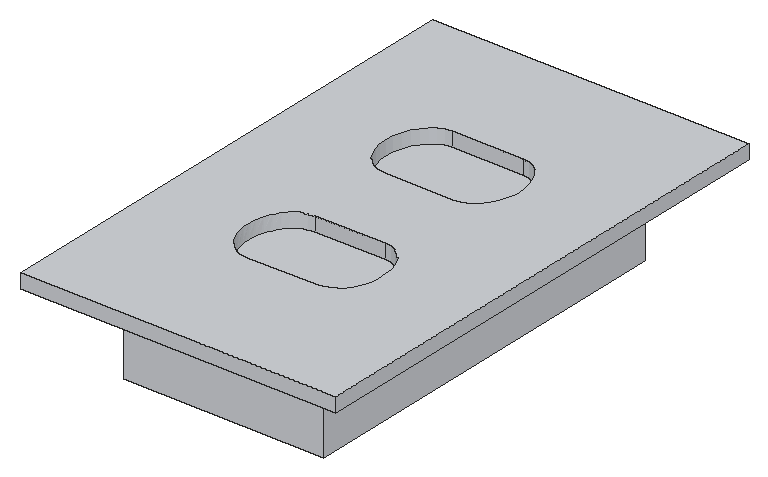
Revit family "Receptacle", category Electrical Fixtures, host Face, Revit 2025
Family settings
  Host = Face
  Round Connector Dimension = Use Diameter
  Part Type = Junction Box
  Cut with Voids When Loaded = No
  Maintain Annotation Orientation = Yes
  Shared = No
  Room Calculation Point = No
Parameters (values of type "Duplex (Flush with Ceiling)")
  x = 0.74588"
  Width = 2 3/4"
  Symbol Distance [instance] = 0"
  Quadd = no
  Height = 4 1/2"
  er = 0.27848"
  Depth = 1/8"
  Cut Distance = 0"
  Count = 1
  Ceiling = yes
  Back Depth = 3/4"
  Default Elevation = 48"
  Back Width = Width - Back Margin  # 1 3/4"
  Back Margin = 1"
  Back Height = Height - Back Margin  # 3 1/2"
Types (3): name | Width | Quadd | Cut Distance | Count | Ceiling | Back Width | Back Margin | Back Height
  Duplex | 2 3/4" | no | 0" | 1 | no | 1 3/4" | 1" | 3 1/2"
  Two Duplex | 4 1/2" | yes | 1" | 2 | no | 4" | 1/2" | 4"
  Duplex (Flush with Ceiling) | 2 3/4" | no | 0" | 1 | yes | 1 3/4" | 1" | 3 1/2"
Reference planes (in)
  plane 1 "Center (Front/Back)": y = 0
  plane 2: z = 0
  plane 3 "Center (Left/Right)": x = 0
  plane 4: z = 0.125
  plane 5: z = -0.75
  plane 6: y = 0.75
  plane 7: x = -0.30682
  plane 8: x = 0.30682
  plane 9: y = -0.75
  plane 10: x = 0
  plane 11: y = 0.75
  plane 12: x = -0.30682
  plane 13: x = 0.30682
  plane 14: y = -0.75
  plane 15: x = 0
Forms (in)
  Extrusion 1, solid, detail levels medium+fine
    sketch origin (0, 0, 0) x (1, 0, 0) y (0, 1, 0)
      loop
        line (-1.375, 2.25) -> (-1.375, -2.25) -> (1.375, -2.25) -> (1.375, 2.25) -> (-1.375, 2.25)
    from 0 to 0.125
  Extrusion 2, solid, detail levels medium+fine
    sketch origin (0, 0, 0) x (1, 0, 0) y (0, 1, 0)
      loop
        line (-0.875, 1.75) -> (-0.875, -1.75) -> (0.875, -1.75) -> (0.875, 1.75) -> (-0.875, 1.75)
    from 0 to -0.75
  Extrusion 3, void
    sketch origin (0, 0, 0) x (1, 0, 0) y (0, 1, 0)
      loop
        spline (-0.30682, 1.12294) -> (-0.3789, 1.11023) -> (-0.44606, 1.07298) -> (-0.50374, 1.01371) -> (-0.54799, 0.93647) -> (-0.57581, 0.84652) -> (-0.5853, 0.75) -> (-0.57581, 0.65348) -> (-0.54799, 0.56353) -> (-0.50374, 0.48629) -> (-0.44606, 0.42702) -> (-0.3789, 0.38977) -> (-0.30682, 0.37706)
        line (-0.30682, 0.37706) -> (0.30682, 0.37706)
        spline (0.30682, 0.37706) -> (0.3789, 0.38977) -> (0.44606, 0.42702) -> (0.50374, 0.48629) -> (0.54799, 0.56353) -> (0.57581, 0.65348) -> (0.5853, 0.75) -> (0.57581, 0.84652) -> (0.54799, 0.93647) -> (0.50374, 1.01371) -> (0.44606, 1.07298) -> (0.3789, 1.11023) -> (0.30682, 1.12294)
        line (0.30682, 1.12294) -> (-0.30682, 1.12294)
      loop
        spline (-0.30682, -0.37706) -> (-0.3789, -0.38977) -> (-0.44606, -0.42702) -> (-0.50374, -0.48629) -> (-0.54799, -0.56353) -> (-0.57581, -0.65348) -> (-0.5853, -0.75) -> (-0.57581, -0.84652) -> (-0.54799, -0.93647) -> (-0.50374, -1.01371) -> (-0.44606, -1.07298) -> (-0.3789, -1.11023) -> (-0.30682, -1.12294)
        line (-0.30682, -1.12294) -> (0.30682, -1.12294)
        spline (0.30682, -1.12294) -> (0.3789, -1.11023) -> (0.44606, -1.07298) -> (0.50374, -1.01371) -> (0.54799, -0.93647) -> (0.57581, -0.84652) -> (0.5853, -0.75) -> (0.57581, -0.65348) -> (0.54799, -0.56353) -> (0.50374, -0.48629) -> (0.44606, -0.42702) -> (0.3789, -0.38977) -> (0.30682, -0.37706)
        line (0.30682, -0.37706) -> (-0.30682, -0.37706)
    from 0.125 to 0
  Extrusion 4, void
    sketch origin (0, 0, 0) x (1, 0, 0) y (0, 1, 0)
      loop
        spline (-0.30682, 1.12294) -> (-0.3789, 1.11023) -> (-0.44606, 1.07298) -> (-0.50374, 1.01371) -> (-0.54799, 0.93647) -> (-0.57581, 0.84652) -> (-0.5853, 0.75) -> (-0.57581, 0.65348) -> (-0.54799, 0.56353) -> (-0.50374, 0.48629) -> (-0.44606, 0.42702) -> (-0.3789, 0.38977) -> (-0.30682, 0.37706)
        line (-0.30682, 0.37706) -> (0.30682, 0.37706)
        spline (0.30682, 0.37706) -> (0.3789, 0.38977) -> (0.44606, 0.42702) -> (0.50374, 0.48629) -> (0.54799, 0.56353) -> (0.57581, 0.65348) -> (0.5853, 0.75) -> (0.57581, 0.84652) -> (0.54799, 0.93647) -> (0.50374, 1.01371) -> (0.44606, 1.07298) -> (0.3789, 1.11023) -> (0.30682, 1.12294)
        line (0.30682, 1.12294) -> (-0.30682, 1.12294)
      loop
        spline (-0.30682, -0.37706) -> (-0.3789, -0.38977) -> (-0.44606, -0.42702) -> (-0.50374, -0.48629) -> (-0.54799, -0.56353) -> (-0.57581, -0.65348) -> (-0.5853, -0.75) -> (-0.57581, -0.84652) -> (-0.54799, -0.93647) -> (-0.50374, -1.01371) -> (-0.44606, -1.07298) -> (-0.3789, -1.11023) -> (-0.30682, -1.12294)
        line (-0.30682, -1.12294) -> (0.30682, -1.12294)
        spline (0.30682, -1.12294) -> (0.3789, -1.11023) -> (0.44606, -1.07298) -> (0.50374, -1.01371) -> (0.54799, -0.93647) -> (0.57581, -0.84652) -> (0.5853, -0.75) -> (0.57581, -0.65348) -> (0.54799, -0.56353) -> (0.50374, -0.48629) -> (0.44606, -0.42702) -> (0.3789, -0.38977) -> (0.30682, -0.37706)
        line (0.30682, -0.37706) -> (-0.30682, -0.37706)
    from 0.125 to 0
Cuts and joins
  Extrusion 3, Extrusion 4 cuts Extrusion 1
  Extrusion 3, Extrusion 4 cuts Extrusion 2
Dimensions and locks (in)
  equal spacing: Extrusion 1 sketch curve, plane 3 "Center (Left/Right)", Extrusion 1 sketch curve
  "Width": Extrusion 1 sketch curve to Extrusion 1 sketch curve
  "Height": Extrusion 1 sketch curve to Extrusion 1 sketch curve
  equal spacing: Extrusion 1 sketch curve, plane 1 "Center (Front/Back)", Extrusion 1 sketch curve
  "Depth": plane 4 to plane 2
  "Back Depth": plane 2 to plane 5
  plane 6 to plane 1 "Center (Front/Back)" = 3/4"
  equal spacing: Extrusion 3 sketch curve, plane 6, Extrusion 3 sketch curve
  "x": Extrusion 3 sketch curve to Extrusion 3 sketch curve  (x2)
  equal spacing: Extrusion 3 sketch curve, plane 9, Extrusion 3 sketch curve
  "er": Extrusion 3 sketch curve to Extrusion 3 sketch curve  (x4)
  equal spacing: Extrusion 2 sketch curve, plane 3 "Center (Left/Right)", Extrusion 2 sketch curve
  equal spacing: Extrusion 2 sketch curve, plane 1 "Center (Front/Back)", Extrusion 2 sketch curve
  "Back Height": Extrusion 2 sketch curve to Extrusion 2 sketch curve
  "Back Width": Extrusion 2 sketch curve to Extrusion 2 sketch curve
  equal spacing: Extrusion 4 sketch curve, plane 11, Extrusion 4 sketch curve
  "x": Extrusion 4 sketch curve to Extrusion 4 sketch curve  (x2)
  equal spacing: Extrusion 4 sketch curve, plane 14, Extrusion 4 sketch curve
  "er": Extrusion 4 sketch curve to Extrusion 4 sketch curve  (x4)
  group 1 to group 2 = 0"  (x3)
  "Cut Distance": plane 10 to plane 3 "Center (Left/Right)"
  "Cut Distance": plane 3 "Center (Left/Right)" to plane 15
  aligned and locked: plane 2 to host face
  aligned and locked: level to host face
  aligned and locked: plane 4 to Extrusion 1
  aligned and locked: Extrusion 2 to plane 5
  aligned and locked: plane 7 to Extrusion 3 sketch curve  (x4)
  aligned and locked: plane 8 to Extrusion 3 sketch curve  (x3)
  aligned and locked: Extrusion 1 to Extrusion 3
  aligned and locked: Extrusion 3 to level
  aligned and locked: plane 12 to Extrusion 4 sketch curve  (x4)
  aligned and locked: plane 13 to Extrusion 4 sketch curve  (x3)
Automatic sketch dimensions
  host sketch curve to host sketch curve = 96"  (x2)
Nested families (in)
  nested 1: "Wall Mounted" at (0, 0, 0), type "Standard"
Connectors (in)
  electrical at (0, 0, 0.125)
    settings: on Extrusion 1, index 1, voltage 0 V, apparent load 0 VA, apparent load phase1 0 VA, apparent load phase2 0 VA, apparent load phase3 0 VA, power factor 1, load classification "Other", number of poles 1, system type 31, power factor state 1, is connector primary yes, connector utility no, sub classification motor no, connector description ""
Definition of nested family "Wall Mounted"
  Parameters (values of type "Standard")
    Two Duplex = yes
    Symbol Distance = 0"
    Diameter = 59/256"
    Center Height = Diameter * 1.5 * 0.6  # 0.20742"
    Ceiling = yes
  Reference planes (in)
    plane 1: y = 0
    plane 2: x = 0
  Lines and regions (in)
    detail lines
      curve 1: line (-0.03552, 0.30625, 0) -> (-0.03552, 0, 0)
      curve 2: line (0.03552, 0.30625, 0) -> (0.03552, 0, 0)
      curve 5: circle (0, 0.19662, 0) r 0.11523 normal (0, 0, 1)
    reference lines
      curve 3: line (-0.21695, 0, 0) -> (0.23487, 0, 0)
      curve 4: line (-0.15472, 0.20742, 0) -> (0.32266, 0.20742, 0)
      curve 7: line (-0.15472, 0.3862, 0) -> (-0.15472, 0.10585, 0)
      curve 8: line (0.15472, 0.39433, 0) -> (0.15472, 0.11398, 0)
    detail lines, visible <- "Two Duplex"
      curve 6: line (-0.15472, 0.24281, 0) -> (0.15472, 0.24281, 0)
      curve 9: line (-0.15472, 0.17203, 0) -> (0.15472, 0.17203, 0)
    detail lines, not visible
      curve 10: line (-0.03552, 0.30625, 0) -> (-0.03552, 0, 0)
      curve 11: line (0.03552, 0.30625, 0) -> (0.03552, 0, 0)
      curve 14: circle (0, 0.19662, 0) r 0.11523 normal (0, 0, 1)
    reference lines, not visible
      curve 12: line (-0.21695, 0, 0) -> (0.23487, 0, 0)
      curve 13: line (-0.15472, 0.20742, 0) -> (0.32266, 0.20742, 0)
      curve 16: line (-0.15472, 0.3862, 0) -> (-0.15472, 0.10585, 0)
      curve 17: line (0.15472, 0.39433, 0) -> (0.15472, 0.11398, 0)
    detail lines, visible <- "Two Duplex", not visible
      curve 15: line (-0.15472, 0.24281, 0) -> (0.15472, 0.24281, 0)
      curve 18: line (-0.15472, 0.17203, 0) -> (0.15472, 0.17203, 0)
    detail lines, visible <- "Ceiling"
      curve 19: line (-0.15472, 0.31877, 0) -> (-0.15472, 0, 0)
      curve 20: line (0.15472, 0.31877, 0) -> (0.15472, 0, 0)
      curve 21: line (0.15472, 0.31877, 0) -> (-0.15472, 0.31877, 0)
      curve 22: line (-0.15472, 0, 0) -> (0.15472, 0, 0)
    detail lines, visible <- "Ceiling", not visible
      curve 23: line (-0.15472, 0.31877, 0) -> (-0.15472, 0, 0)
      curve 24: line (0.15472, 0.31877, 0) -> (0.15472, 0, 0)
      curve 25: line (0.15472, 0.31877, 0) -> (-0.15472, 0.31877, 0)
      curve 26: line (-0.15472, 0, 0) -> (0.15472, 0, 0)
  Dimensions and locks (in)
    "Symbol Distance": plane 1 to curve 3
  Automatic sketch dimensions
    curve 9 to curve 5 = 0.15472"
    curve 5 to curve 20 = 0.15472"
    curve 1 to curve 5 = 0.19662"
    curve 5 to curve 21 = 0.12215"
    curve 1 to curve 5 = 0.03552"
    curve 1 to curve 2 = 0.07104"
    curve 9 to curve 20 = 0.14674"
    curve 9 to curve 6 = 0.07078"
    curve 5 to curve 2 = 0.10962"
    curve 18 to curve 14 = 0.15472"
    curve 14 to curve 24 = 0.15472"
    curve 10 to curve 14 = 0.19662"
    curve 14 to curve 25 = 0.12215"
    curve 10 to curve 14 = 0.03552"
    curve 10 to curve 11 = 0.07104"
    curve 18 to curve 24 = 0.14674"
    curve 18 to curve 15 = 0.07078"
    curve 14 to curve 11 = 0.10962"
